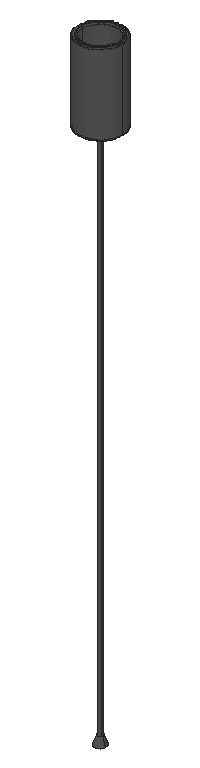
Revit family "CARLO CYLINDER LIGHT Pendant_ Surface", category Lighting Fixtures, host Face, Revit 2020 (continued)
Types (13): name | Wattage_Input | Wattage Comments | Wattage | built-in parameter 1150134 | Size 08 | Size 04 | Photometric Web File | built-in parameter 1150142 | Model | built-in parameter 1150105 | Lumens | built-in parameter 1150107 | built-in parameter 1150106 | Fixture Height | Fixture Diameter | BEAMING ANGLE | Apparent Load
    32 4.4711 4.6595 4.8915 5.1291 5.3346 \r\n 5.541 5.7721 6.0172 6.2729 6.5418 6.8229 7.1239 7.4569 7.8078 8.1564 \r\n 8.5334 8.963 9.445 9.9629 10.59 11.365 12.374 13.726 15.393 17.41 \r\n 19.696 21.859 24.871 29.29 35.963 46.48 59.17 72.638 87.647 104.84 \r\n 123.18 141.73 160.85 180.76 200.96 220.98 240.98 261.22 280.92 299.76 \r\n 316.57 329.44 340.21 350.07 359.11 367.82 376.24 384.63 392.9 400.99 \r\n 409.07 417.39 425.65 433.37 441.27 450.13 459.23 467.84 476.64 486.18 \r\n 496.12 506.2 516.81 528.4 540.62 553.47 566.37 578.67 590.67 602.45 \r\n 613.97 625.24 636.18 646.73 656.91 666.64 676.13 685.66 694.92 703.68 \r\n 712.07 720.11 727.89 735.51 742.85 749.7 756.53 763.99 771.31 777.82 \r\n 783.8 789.14 794.37 800.03 805.95 812.41 818.55 823.47 827.56 830.69 \r\n 833.51 836.87 840.14 842.94 845.39 847.48 849.09 850.01 850.56 851.06 \r\n 849.27 \r\n2.1273 850.63 849.77 848.93 847.85 846.24 844.32 842.21 839.96 837.75 \r\n 835.32 832.48 829.23 825.44 821.32 817.08 812.62 807.83 803 798.52 \r\n 793.95 789.05 783.65 777.41 770.71 763.99 756.83 748.8 740.28 731.48 \r\n 722.43 713.19 703.78 694.3 684.53 674.13 663.55 653.29 642.84 631.72 \r\n 620.26 608.63 596.93 585.48 573.73 561.03 548.06 535.06 522.72 512.19 \r\n 502.3 492.18 482.12 472.01 462.13 452.83 443.74 434.55 425.44 416.54 \r\n 407.68 398.7 389.73 380.86 372.01 363.18 354.27 345.27 335.8 325.75 \r\n 314.3 300.39 284.51 266.41 247.18 227.99 208.4 188.19 167.83 147.58 \r\n 127.93 109.5 92.205 76.08 61.331 47.877 36.603 28.65 23.176 20.116 \r\n 18.274 16.302 14.605 13.133 11.902 10.922 10.161 9.6233 9.1997 8.7713 \r\n 8.3696 7.9868 7.6228 7.2733 6.9433 6.6394 6.3527 6.0739 5.8111 5.5723 \r\n 5.3496 5.1421 4.9376 4.7176 4.5 4.2985 4.1069 3.9239 3.747 3.5738 \r\n 3.4024 3.227 3.0569 2.9014 2.7538 2.6119 2.4731 2.3333 2.1947 2.054 \r\n 1.9237 1.8215 1.7283 1.6273 1.5284 1.4363 1.3501 1.2708 1.1969 1.1294 \r\n 1.0619 0.98469 0.90939 0.8464 0.78944 0.73542 0.68524 0.64059 0.59611 0.54455 \r\n 0.49325 0.44634 0.40615 0.3816 0.35707 0.31251 0.27002 0.2513 0.23752 0.21465 \r\n 0.18997 0.16417 0.14295 0.13846 0.13211 0.10348 0.070146 0.043113 0.021715 0.010542 \r\n 0.0048262 0.0013899 0.000057 0 0 0 0 0 0 0 \r\n 0 0 0 0 0 0 0.00013415 0.0046077 0.015421 0.04 \r\n 0.066271 0.081782 0.095093 0.11086 0.12835 0.15026 0.17103 0.18287 0.19515 0.21676 \r\n 0.24136 0.26567 0.28937 0.30855 0.33067 0.36404 0.4022 0.44239 0.48177 0.51279 \r\n 0.54681 0.59611 0.65041 0.70342 0.75545 0.80284 0.85119 0.90412 0.96379 1.0365 \r\n 1.1134 1.1898 1.2665 1.3385 1.4188 1.5244 1.6387 1.7506 1.8615 1.9635 \r\n 2.0736 2.2142 2.3606 2.4911 2.6193 2.7499 2.8875 3.0406 3.2022 3.3678 \r\n 3.5379 3.7108 3.8898 4.0817 4.2745 4.4489 4.6341 4.8664 5.1049 5.3097 \r\n 5.5149 5.7453 5.9894 6.2433 6.51 6.7888 7.087 7.4158 7.7627 8.1092 \r\n 8.484 8.9104 9.3865 9.8948 10.506 11.251 12.227 13.55 15.181 17.137 \r\n 19.359 21.499 24.441 28.63 35.036 45.315 57.856 71.389 86.532 103.8 \r\n 122.23 140.91 160.13 179.97 200.07 220.03 239.98 260.15 279.84 298.81 \r\n 315.82 328.94 339.93 349.82 358.85 367.59 376.03 384.33 392.49 400.5 \r\n 408.51 416.79 425 432.67 440.52 449.36 458.43 467.05 475.86 485.42 \r\n 495.35 505.31 515.81 527.43 539.71 552.55 565.45 577.72 589.72 601.61 \r\n 613.25 624.55 635.51 646.08 656.28 666.07 675.63 685.22 694.54 703.36 \r\n 711.8 719.86 727.64 735.29 742.67 749.53 756.35 763.81 771.14 777.69 \r\n 783.71 789.06 794.29 799.95 805.86 812.33 818.47 823.34 827.39 830.6 \r\n 833.53 836.91 840.17 842.91 845.3 847.43 849.09 849.97 850.48 851.01 \r\n 849.27 \r\n2.1273 850.51 849.64 848.85 847.82 846.25 844.34 842.19 839.89 837.62 \r\n 835.15 832.31 829.06 825.25 821.09 816.72 812.15 807.4 802.62 798.04 \r\n 793.32 788.22 782.63 776.24 769.44 762.69 755.49 747.38 738.79 730 \r\n 720.98 711.75 702.32 692.75 682.9 672.5 661.93 651.63 641.14 630.06 \r\n 618.61 606.8 594.89 583.35 571.53 558.73 545.69 532.77 520.48 509.74 \r\n 499.66 489.57 479.66 469.87 460.3 451.08 442.03 433.02 424.05 415.08 \r\n 406.14 397.23 388.37 379.55 370.77 362.05 353.21 344.15 334.62 324.76 \r\n 313.34 298.86 282.31 263.88 244.45 225.07 205.35 185.13 164.87 144.87 \r\n 125.46 107.02 89.668 73.508 58.897 46.067 35.492 27.957 22.754 19.805 \r\n 18.001 16.08 14.426 12.993 11.8 10.87 10.147 9.613 9.1823 8.7555 \r\n 8.3578 7.9825 7.6258 7.2787 6.9497 6.6469 6.3618 6.0861 5.827 5.5925 \r\n 5.3724 5.1614 4.9534 4.7359 4.5216 4.3201 4.1277 3.9451 3.7687 3.5956 \r\n 3.424 3.2474 3.0762 2.9216 2.7754 2.6336 2.4949 2.3564 2.2194 2.0807 \r\n 1.951 1.8449 1.7473 1.6462 1.5476 1.453 1.3639 1.2829 1.2082 1.142 \r\n 1.0757 0.99839 0.92275 0.86024 0.80379 0.74985 0.69929 0.65303 0.60734 0.55698 \r\n 0.50744 0.46172 0.42203 0.39616 0.37039 0.32701 0.28586 0.26657 0.25201 0.22935 \r\n 0.20522 0.18051 0.15964 0.15229 0.14354 0.11718 0.08669 0.05979 0.037487 0.025457 \r\n 0.017425 0.0075756 0.00020714 0 0 0 0 0 0 0 \r\n 0 0 0 0 0 0 0.00010653 0.0037901 0.012228 0.030732 \r\n 0.050368 0.06113 0.071549 0.087458 0.10694 0.13256 0.15674 0.1692 0.1807 0.20026 \r\n 0.22283 0.24674 0.27081 0.29115 0.31433 0.34753 0.38506 0.42433 0.46311 0.49499 \r\n 0.52986 0.57832 0.63181 0.68575 0.73885 0.78605 0.83412 0.88813 0.9482 1.0179 \r\n 1.0919 1.1685 1.246 1.3183 1.3974 1.4976 1.6063 1.7152 1.8254 1.9314 \r\n 2.0455 2.1848 2.3296 2.4632 2.5935 2.7189 2.8513 3.0064 3.1713 3.3373 \r\n 3.507 3.6783 3.8559 4.0484 4.2419 4.4155 4.5992 4.8284 5.0647 5.2703 \r\n 5.4774 5.7098 5.9555 6.2091 6.475 6.7539 7.0507 7.372 7.7138 8.0687 \r\n 8.4531 8.8806 9.3517 9.8452 10.44 11.181 12.15 13.46 15.069 16.984 \r\n 19.168 21.308 24.238 28.364 34.657 44.671 57.056 70.912 86.448 103.82 \r\n 122.29 141.12 160.47 180.39 200.52 220.51 240.45 260.6 280.22 299.08 \r\n 316.04 329.39 340.63 350.55 359.54 368.31 376.75 384.97 393.01 400.91 \r\n 408.82 417 425.15 432.84 440.69 449.35 458.29 467.06 476.06 485.61 \r\n 495.44 505.17 515.49 527.19 539.59 552.43 565.29 577.51 589.49 601.5 \r\n 613.25 624.52 635.42 645.93 656.12 666 675.66 685.27 694.61 703.5 \r\n 712.01 720.08 727.87 735.6 743.02 749.76 756.46 763.92 771.27 777.78 \r\n 783.77 789.19 794.49 800.16 806.04 812.41 818.45 823.31 827.41 830.71 \r\n 833.71 837.1 840.31 842.9 845.15 847.31 849.03 849.93 850.45 850.95 \r\n 849.27 \r\n2.1273 850.38 849.53 848.77 847.79 846.25 844.37 842.18 839.81 837.48 \r\n 834.95 832.1 828.85 825.03 820.82 816.32 811.64 806.94 802.19 797.47 \r\n 792.54 787.24 781.47 774.96 768.08 761.26 754.01 745.82 737.17 728.39 \r\n 719.39 710.18 700.75 691.09 681.13 670.73 660.17 649.81 639.27 628.24 \r\n 616.81 604.83 592.72 581.07 569.19 556.27 543.16 530.33 518.08 507.09 \r\n 496.76 486.7 476.96 467.51 458.27 449.15 440.17 431.34 422.52 413.48 \r\n 404.45 395.63 386.89 378.15 369.44 360.83 352.06 342.92 333.33 323.65 \r\n 312.27 297.14 279.85 261.06 241.41 221.82 202.01 181.85 161.75 142.03 \r\n 122.86 104.41 86.982 70.765 56.281 44.107 34.274 27.199 22.302 19.475 \r\n 17.711 15.847 14.238 12.845 11.69 10.813 10.132 9.6006 9.1613 8.7358 \r\n 8.3423 7.9756 7.6275 7.2837 6.9565 6.6559 6.3732 6.1012 5.8462 5.6163 \r\n 5.399 5.1843 4.9722 4.7573 4.5464 4.3452 4.1523 3.9698 3.7935 3.6206 \r\n 3.4488 3.271 3.0989 2.945 2.8 2.6588 2.5209 2.3834 2.2478 2.1116 \r\n 1.983 1.8721 1.7693 1.6678 1.5693 1.4718 1.3795 1.2968 1.2215 1.1562 \r\n 1.091 1.0137 0.93804 0.87643 0.82085 0.76717 0.71617 0.66773 0.62037 0.57158 \r\n 0.52432 0.47999 0.44073 0.41287 0.38535 0.3437 0.3045 0.28442 0.26864 0.24587 \r\n 0.22208 0.19852 0.17806 0.16762 0.15631 0.13257 0.10538 0.07904 0.056046 0.042853 \r\n 0.031888 0.014648 0.00037891 0 0 0 0 0 0 0 \r\n 0 0 0 0 0 0 0.000072 0.002663 0.0082266 0.019849 \r\n 0.032078 0.037744 0.045086 0.060917 0.082351 0.1121 0.14018 0.15339 0.16412 0.18164 \r\n 0.20216 0.22566 0.25012 0.27157 0.29584 0.32923 0.36641 0.40453 0.44243 0.47536 \r\n 0.51128 0.55871 0.61116 0.66596 0.7202 0.76749 0.81566 0.87105 0.93173 0.99841 \r\n 1.0695 1.1456 1.2235 1.2964 1.3745 1.4689 1.5712 1.6767 1.7863 1.897 \r\n 2.0159 2.1538 2.2967 2.4336 2.5663 2.6865 2.8137 2.9712 3.1398 3.3065 \r\n 3.4755 3.6449 3.8208 4.0139 4.2086 4.3826 4.5655 4.7908 5.0235 5.2303 \r\n 5.4402 5.675 5.9225 6.1758 6.4407 6.7202 7.0161 7.3293 7.6658 8.0311 \r\n 8.4271 8.8563 9.3227 9.8018 10.382 11.121 12.088 13.389 14.979 16.855 \r\n 19.003 21.144 24.069 28.162 34.365 44.096 56.311 70.516 86.477 103.95 \r\n 122.47 141.46 160.99 181.02 201.24 221.25 241.18 261.27 280.8 299.48 \r\n 316.35 329.92 341.41 351.35 360.32 369.12 377.56 385.7 393.63 401.42 \r\n 409.23 417.32 425.4 433.14 441.01 449.46 458.23 467.19 476.42 485.96 \r\n 495.68 505.18 515.32 527.11 539.66 552.49 565.3 577.48 589.44 601.55 \r\n 613.4 624.63 635.45 645.91 656.08 666.05 675.81 685.42 694.77 703.74 \r\n 712.33 720.41 728.21 736.01 743.48 750.09 756.65 764.1 771.46 777.93 \r\n 783.9 789.4 794.78 800.47 806.31 812.53 818.43 823.31 827.47 830.86 \r\n 833.93 837.31 840.45 842.89 845.01 847.17 848.95 849.89 850.42 850.89 \r\n 849.27 \r\n2.1273 850.27 849.44 848.7 847.75 846.25 844.38 842.15 839.72 837.32 \r\n 834.74 831.88 828.63 824.79 820.53 815.92 811.14 806.49 801.75 796.85 \r\n 791.69 786.19 780.26 773.66 766.72 759.81 752.48 744.23 735.54 726.76 \r\n 717.77 708.61 699.18 689.42 679.37 668.97 658.41 647.98 637.37 626.38 \r\n 614.97 602.85 590.56 578.82 566.86 553.84 540.65 527.9 515.7 504.47 \r\n 493.9 483.86 474.28 465.15 456.22 447.22 438.32 429.67 420.99 411.91 \r\n 402.83 394.11 385.49 376.84 368.21 359.7 350.99 341.78 332.12 322.6 \r\n 311.22 295.46 277.43 258.26 238.36 218.6 198.73 178.65 158.73 139.28 \r\n 120.33 101.85 84.35 68.085 53.733 42.176 33.048 26.434 21.854 19.151 \r\n 17.426 15.619 14.055 12.698 11.579 10.753 10.115 9.5855 9.1376 8.7132 \r\n 8.3238 7.9657 7.6262 7.2863 6.9616 6.6639 6.3844 6.116 5.8648 5.6395 \r\n 5.4249 5.2065 4.9906 4.7777 4.5699 4.3692 4.1761 3.9934 3.8167 3.6438 \r\n 3.472 3.2934 3.1207 2.9672 2.823 2.6832 2.5465 2.4096 2.2747 2.1413 \r\n 2.0139 1.8982 1.7901 1.6881 1.5896 1.4893 1.394 1.31 1.2342 1.1695 \r\n 1.105 1.0278 0.95241 0.89198 0.83753 0.78429 0.73289 0.68206 0.63281 0.58568 \r\n 0.54084 0.49792 0.45902 0.4288 0.39924 0.35963 0.32273 0.30179 0.28455 0.26134 \r\n 0.23762 0.21527 0.19537 0.18191 0.16811 0.14695 0.1231 0.097612 0.074196 0.059732 \r\n 0.045733 0.021392 0.00054336 0 0 0 0 0 0 0 \r\n 0 0 0 0 0 0 0.000035 0.0013563 0.0039672 0.0090417 \r\n 0.014317 0.015313 0.019854 0.035458 0.058565 0.092253 0.12412 0.13813 0.14825 0.164 \r\n 0.18273 0.20588 0.23065 0.25293 0.27808 0.31191 0.34905 0.38601 0.42295 0.45687 \r\n 0.49376 0.54011 0.59146 0.64696 0.70224 0.74974 0.79817 0.85499 0.91634 0.98036 \r\n 1.0486 1.1241 1.2019 1.2756 1.3532 1.442 1.5383 1.6406 1.7495 1.8651 \r\n 1.9888 2.125 2.2657 2.4057 2.5409 2.6567 2.7795 2.9392 3.1111 3.2785 \r\n 3.4472 3.6143 3.7882 3.9821 4.1781 4.3535 4.5364 4.757 4.9855 5.1937 \r\n 5.4066 5.6436 5.8926 6.1451 6.4088 6.6889 6.9841 7.2894 7.6206 7.996 \r\n 8.4034 8.8339 9.2959 9.7628 10.331 11.067 12.031 13.321 14.892 16.729 \r\n 18.841 20.98 23.896 27.956 34.066 43.501 55.523 70.038 86.39 103.96 \r\n 122.54 141.73 161.46 181.63 201.93 221.95 241.85 261.84 281.26 299.76 \r\n 316.53 330.31 342.04 352.01 360.96 369.78 378.23 386.29 394.12 401.82 \r\n 409.54 417.54 425.58 433.39 441.3 449.53 458.11 467.28 476.74 486.28 \r\n 495.89 505.2 515.18 527.07 539.76 552.59 565.36 577.5 589.45 601.66 \r\n 613.59 624.77 635.5 645.93 656.09 666.13 675.97 685.59 694.95 703.99 \r\n 712.65 720.74 728.54 736.44 743.96 750.45 756.86 764.29 771.66 778.1 \r\n 784.07 789.66 795.13 800.84 806.64 812.68 818.43 823.32 827.57 831.03 \r\n 834.15 837.5 840.57 842.87 844.87 847.04 848.87 849.85 850.41 850.84 \r\n 849.27 \r\n2.1273 850.2 849.4 848.67 847.71 846.24 844.39 842.13 839.65 837.19 \r\n 834.56 831.67 828.41 824.55 820.27 815.57 810.72 806.08 801.32 796.21 \r\n 790.8 785.13 779.07 772.42 765.43 758.42 750.99 742.71 734.02 725.23 \r\n 716.25 707.14 697.75 687.9 677.74 667.33 656.77 646.27 635.6 624.62 \r\n 613.22 601 588.59 576.76 564.72 551.6 538.35 525.67 513.51 502.09 \r\n 491.35 481.34 471.9 463.01 454.34 445.46 436.65 428.17 419.63 410.55 \r\n 401.46 392.84 384.35 375.81 367.27 358.84 350.17 340.92 331.19 321.78 \r\n 310.36 294.04 275.35 255.79 235.63 215.75 195.87 175.87 156.1 136.85 \r\n 118.06 99.547 81.975 65.706 51.5 40.456 31.913 25.722 21.446 18.858 \r\n 17.169 15.412 13.889 12.563 11.475 10.695 10.094 9.5671 9.112 8.6889 \r\n 8.3031 7.9522 7.6203 7.2845 6.9628 6.6688 6.3927 6.1274 5.8791 5.6577 \r\n 5.4454 5.224 5.0047 4.7932 4.5877 4.3877 4.1947 4.0112 3.8337 3.6607 \r\n 3.4889 3.3102 3.1373 2.9838 2.8401 2.7022 2.5673 2.43 2.2948 2.164 \r\n 2.0382 1.9183 1.8055 1.7031 1.6047 1.5021 1.4044 1.3195 1.2436 1.1793 \r\n 1.1151 1.038 0.96305 0.90391 0.85074 0.79809 0.74646 0.69337 0.64227 0.59659 \r\n 0.55391 0.51229 0.47367 0.44101 0.40937 0.37186 0.33733 0.31561 0.2969 0.27288 \r\n 0.2489 0.22783 0.20874 0.19266 0.1766 0.15765 0.13672 0.11225 0.088737 0.073097 \r\n 0.056479 0.026601 0.00067145 0 0 0 0 0 0 0 \r\n 0 0 0 0 0 0 0 0 0 0 \r\n 0 0 0 0.015306 0.039581 0.076389 0.11133 0.12612 0.13594 0.15046 \r\n 0.1679 0.19085 0.21581 0.23835 0.26389 0.29833 0.33576 0.37181 0.4079 0.44249 \r\n 0.48003 0.52537 0.5757 0.63165 0.68769 0.73538 0.78407 0.84204 0.90399 0.96606 \r\n 1.0321 1.1066 1.1841 1.2588 1.3364 1.4219 1.5125 1.612 1.7205 1.8405 \r\n 1.9685 2.1026 2.2407 2.383 2.5204 2.6334 2.7534 2.9146 3.0887 3.257 \r\n 3.4254 3.5902 3.762 3.9565 4.154 4.3315 4.515 4.731 4.9549 5.1644 \r\n 5.3799 5.6185 5.8681 6.119 6.3808 6.6612 6.9556 7.2538 7.5801 7.9632 \r\n 8.3793 8.81 9.2679 9.7264 10.284 11.013 11.967 13.243 14.791 16.588 \r\n 18.659 20.786 23.679 27.679 33.668 42.797 54.598 69.315 85.956 103.62 \r\n 122.28 141.68 161.63 181.96 202.33 222.33 242.13 262 281.28 299.64 \r\n 316.35 330.32 342.28 352.29 361.22 370.08 378.54 386.54 394.29 401.92 \r\n 409.57 417.5 425.51 433.41 441.38 449.4 457.81 467.16 476.84 486.38 \r\n 495.91 505.09 514.97 526.95 539.75 552.59 565.34 577.45 589.4 601.69 \r\n 613.7 624.82 635.49 645.9 656.09 666.17 676.05 685.68 695.05 704.17 \r\n 712.9 720.98 728.78 736.78 744.38 750.77 757.05 764.45 771.81 778.26 \r\n 784.27 789.94 795.5 801.22 806.98 812.85 818.44 823.35 827.67 831.21 \r\n 834.37 837.66 840.63 842.83 844.75 846.92 848.78 849.81 850.4 850.81 \r\n 849.27 \r\n2.1273 850.26 849.49 848.7 847.67 846.18 844.32 842.07 839.59 837.15 \r\n 834.52 831.57 828.25 824.41 820.17 815.56 810.76 806.03 801.1 795.71 \r\n 790.05 784.31 778.27 771.7 764.76 757.55 749.95 741.78 733.23 724.38 \r\n 715.36 706.42 697.19 687.26 676.97 666.46 655.83 645.31 634.61 623.47 \r\n 611.95 599.88 587.62 575.71 563.53 550.36 537.11 524.43 512.35 501.19 \r\n 490.7 480.78 471.34 462.35 453.58 444.78 436.09 427.67 419.23 410.41 \r\n 401.59 393.1 384.71 376.34 367.94 359.51 350.81 341.6 331.88 322.32 \r\n 310.71 294.26 275.42 255.49 235.03 215.22 195.46 175.44 155.56 136.12 \r\n 117.13 98.467 80.891 64.98 51.132 40.045 31.407 25.358 21.248 18.714 \r\n 17.043 15.305 13.794 12.479 11.401 10.634 10.045 9.5249 9.074 8.6547 \r\n 8.2713 7.9203 7.5882 7.2546 6.9365 6.6484 6.3772 6.1109 5.8605 5.6391 \r\n 5.4272 5.2063 4.987 4.7736 4.5664 4.3675 4.1754 3.9893 3.809 3.6354 \r\n 3.4643 3.2883 3.1179 2.9631 2.8183 2.6843 2.5524 2.4101 2.2693 2.1391 \r\n 2.0154 1.8964 1.7844 1.6836 1.587 1.4857 1.3894 1.3065 1.2322 1.1673 \r\n 1.1024 1.0253 0.95068 0.8925 0.84046 0.78883 0.73782 0.68431 0.63256 0.58673 \r\n 0.54401 0.50244 0.46364 0.42974 0.3972 0.36083 0.32763 0.3059 0.28654 0.26092 \r\n 0.23584 0.21642 0.1991 0.18228 0.16519 0.1465 0.12626 0.10267 0.079917 0.063871 \r\n 0.047724 0.022169 0.00056737 0 0 0 0 0 0 0 \r\n 0 0 0 0 0 0 0 0 0 0.0045718 \r\n 0.0099057 0.011187 0.016004 0.031286 0.054188 0.088428 0.12124 0.13657 0.14797 0.16451 \r\n 0.18356 0.20647 0.23035 0.25031 0.27368 0.30888 0.34782 0.38481 0.42116 0.45432 \r\n 0.49017 0.53496 0.58499 0.64053 0.69602 0.74275 0.79048 0.84778 0.90948 0.97254 \r\n 1.0392 1.1129 1.1899 1.2658 1.3458 1.4338 1.5283 1.6282 1.7364 1.8574 \r\n 1.9854 2.1158 2.2498 2.3897 2.527 2.6459 2.7711 2.9291 3.0989 3.2675 \r\n 3.4366 3.599 3.7684 3.963 4.1618 4.3422 4.5275 4.7402 4.9601 5.1686 \r\n 5.3831 5.6188 5.864 6.1076 6.3621 6.6388 6.9305 7.2264 7.5488 7.9229 \r\n 8.3289 8.7506 9.203 9.6724 10.23 10.911 11.805 13.037 14.537 16.263 \r\n 18.252 20.321 23.086 26.776 32.382 41.136 52.543 66.775 83.067 100.79 \r\n 119.7 139.46 159.74 180.14 200.43 220.13 239.57 259.1 278.19 296.8 \r\n 313.87 328.07 340.2 350.2
